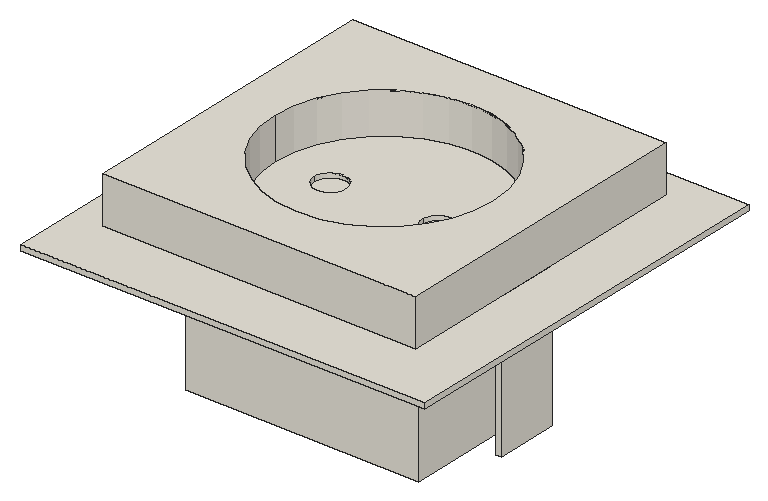
Revit family "Gira_045328", category Electrical Fixtures, host Face, Revit 2017
Family settings
  Host = Face
  Maintain Annotation Orientation = Yes
  Round Connector Dimension = Use Diameter
  Part Type = Normal
  Cut with Voids When Loaded = No
  Shared = No
  Room Calculation Point = No
Parameters (values of type "SCHUKO SH System 55 Anthrazit")
  Überspannungsschutz = "No"
  Werkstoffgüte = "sonstige"
  Werkstoff = "sonstige"
  Verdrehter Zentraleinsatz = "No"
  URL = "http://katalog.gira.de/de_DE/datenblatt.html?artikelnr=045328"
  Transparent = "No"
  Textfeld/Beschriftungsfläche = "No"
  Sonderstromversorgung = "ohne Sonderstromversorgung"
  Schutzleiterkontakt rund = "No"
  Schutzkontakt = "Yes"
  Region = "DE"
  Oberfläche = "sonstige"
  Nennstrom = "16 Ampere"
  Nennspannung = "250 Volt"
  Name = "SCHUKO SH System 55 Anthrazit"
  Montageart = "unter Putz"
  Model = "SYS55_Steckdose"
  Mit erhöhtem Berührungsschutz = "Yes"
  Mit eingebauter USB-Spannungsversorgung = "No"
  Mit Signallampe = "No"
  Mit Orientierungsbeleuchtung = "No"
  Mit Klappdeckel = "No"
  Mit Funktionsbeleuchtung = "No"
  Mit Feinsicherung = "No"
  Mit Ein-/Ausschalter = "No"
  Mit Durchschleiffunktion = "No"
  Manufacturer URL = "https://www.gira.de/"
  Isolierter Einbau = "No"
  HeinzeBIM = "https://bimportal.heinze.de/bim/schuko-sh-system-55-anthrazit/3e73b07e14736a7a972d43c1fb095f4bc9568007"
  Halogenfrei = "No"
  HAN = "045328"
  Geeignet für Schutzart (IP) = "IP20"
  GTIN = "4010337453284"
  Für "erschwerte Bedingungen" (nach VDE) = "No"
  Fehlerstromschutz = "No"
  Farbe = "anthrazit"
  Default Elevation = 1219.2 mm
  Data sheet (1) = "https://katalog.gira.de/de_DE/download.html?artikelnr=045328"
  Cremeweiß glänzend = Cremeweiß glänzend
  Category = "Steckdose"
  Befestigungsart = "Krallen-/Schraubbefestigung"
  Available = "Yes"
  Auswurfmechanismus = "No"
  Ausführung = "Schuko"
  Aufdruck/Kennzeichnung = "ohne Aufdruck"
  Anzahl der Steckdosen schaltbar = "0 "
  Anzahl der Module (bei Modulbauweise) = "1 "
  Anzahl der Einheiten = "1 "
  Antibakterielle Behandlung = "No"
  Anschlussart = "Steckklemme"
  Abschließbar = "No"
Reference planes
  plane 1 "Center (Front/Back)": y = 0
  plane 2 "Reference Level 0": z = 0
  plane 3 "Center (Left/Right)": x = 0
  plane 4: x = 9.5
  plane 5: x = -9.5
  plane 6: x = 9.5
  plane 7: x = -9.5
  plane 8: x = 9.5
  plane 9: x = -9.5
  plane 10: x = 17.5
  plane 11 "Reference Level 1": z = 8.2
Forms (mm)
  Extrusion 1, solid, material "Cremeweiß glänzend" <- "Cremeweiß glänzend", detail levels coarse
    sketch origin (0, 0, 0) x (1, 0, 0) y (0, 1, 0)
      loop
        line (-35.5, 35.5) -> (-35.5, -35.5) -> (35.5, -35.5) -> (35.5, 35.5) -> (-35.5, 35.5)
    from -27.5 to 8.2
  Extrusion 2, solid, material "Cremeweiß glänzend" <- "Cremeweiß glänzend", detail levels medium+fine
    sketch origin (0, 0, 0) x (1, 0, 0) y (0, 1, 0)
      loop
        line (-35.5, 35.5) -> (-35.5, -35.5) -> (35.5, -35.5) -> (35.5, 35.5) -> (-35.5, 35.5)
    from -2.2 to -3.2
  Extrusion 3, solid, material "Cremeweiß glänzend" <- "Cremeweiß glänzend", detail levels medium+fine
    sketch origin (0, 0, 0) x (1, 0, 0) y (0, 1, 0)
      loop
        line (-27.5, 27.5) -> (-27.5, -27.5) -> (27.5, -27.5) -> (27.5, 27.5) -> (-27.5, 27.5)
      loop
        circle (0, 0) r 19.2
    from 0 to 8.2
  Extrusion 4, solid, material "Cremeweiß glänzend" <- "Cremeweiß glänzend", detail levels fine
    sketch origin (0, 0, 0) x (1, 0, 0) y (0, 1, 0)
      loop
        circle (0, 0) r 19.2
      loop
        circle (9.5, 0) r 2.8
      loop
        circle (-9.5, 0) r 2.8
    from 0 to 1
  Extrusion 5, solid, material "Cremeweiß glänzend" <- "Cremeweiß glänzend", detail levels fine
    sketch origin (0, 0, 0) x (1, 0, 0) y (0, 1, 0)
      loop
        circle (-9.5, 0) r 2.8
      loop
        circle (9.5, 0) r 2.8
    from -2.2 to 0.3
  Extrusion 6, solid, material "Cremeweiß glänzend" <- "Cremeweiß glänzend", detail levels medium
    sketch origin (0, 0, 0) x (1, 0, 0) y (0, 1, 0)
      loop
        circle (0, 0) r 19.2
      loop
        circle (9.5, 0) r 2.8
      loop
        circle (-9.5, 0) r 2.8
    from 7.2 to 8.2
  Extrusion 7, solid, material "Cremeweiß glänzend" <- "Cremeweiß glänzend", detail levels medium
    sketch origin (0, 0, 0) x (1, 0, 0) y (0, 1, 0)
      loop
        circle (-9.5, 0) r 2.8
      loop
        circle (9.5, 0) r 2.8
    from 7.2 to 8.2
  Extrusion 8, solid, material "Cremeweiß glänzend" <- "Cremeweiß glänzend", detail levels medium+fine
    sketch origin (0, 0, 0) x (1, 0, 0) y (0, 1, 0)
      loop
        line (-20.5, 9) -> (-20.5, -18) -> (20.5, -18) -> (20.5, 9) -> (17.5, 9) -> (3, 21) -> (3, 24) -> (-3, 24) -> (-3, 21) -> (-17.5, 9) -> (-20.5, 9)
    from 0 to -27.5
  Extrusion 9, solid, material "Cremeweiß glänzend" <- "Cremeweiß glänzend", detail levels medium+fine
    sketch origin (0, 0, 0) x (1, 0, 0) y (0, 1, 0)
      loop
        line (-25, 5.5) -> (-25, -5.5) -> (-24, -5.5) -> (-24, 5.5) -> (-25, 5.5)
    from 0 to -27.5
  Extrusion 10, solid, material "Cremeweiß glänzend" <- "Cremeweiß glänzend", detail levels medium+fine
    sketch origin (0, 0, 0) x (-1, 0, 0) y (0, -1, 0)
      loop
        line (-25, 5.5) -> (-25, -5.5) -> (-24, -5.5) -> (-24, 5.5) -> (-25, 5.5)
    from 0 to -27.5
Dimensions and locks
  aligned and locked: plane 2 "Reference Level 0" to host face
  aligned and locked: level to host face
  aligned and locked: plane 3 "Center (Left/Right)" to nested 1
  aligned and locked: plane 1 "Center (Front/Back)" to nested 1
Nested families
  nested 1: "Steckdose 1-fach Beschriftung" at (0, 0, 0), type "Steckdose 1-fach Beschriftung"
Connectors
  electrical at (0, 9, -27.5)
    settings: on Extrusion 8, index 1, voltage 220 V, apparent load 0 VA, apparent load phase1 0 VA, apparent load phase2 0 VA, apparent load phase3 0 VA, power factor 1, load classification "Other", number of poles 1, system type 31, power factor state 1, is connector primary yes, connector utility no, sub classification motor no, connector description ""
Definition of nested family "Steckdose 1-fach Beschriftung"
  Reference planes
    plane 1: y = 0
    plane 2: x = 0
  Lines and regions (mm)
    detail lines
      curve 1: line (0, 0, 0) -> (0, 2, 0)
      curve 3: line (0, 2, 0) -> (-1, 2, 0)
      curve 4: arc (1, 3, 0) -> (0, 2, 0) -> (-1, 3, 0) r 1
      curve 5: line (0, 2, 0) -> (1, 2, 0)
    reference lines
      curve 2: line (-0.485, 3, 0) -> (2.315, 3, 0)
  Dimensions and locks
    curve 1 to curve 1 = 2 mm
    plane 1 to curve 2 = 3 mm
    curve 3 to curve 3 = 1 mm
